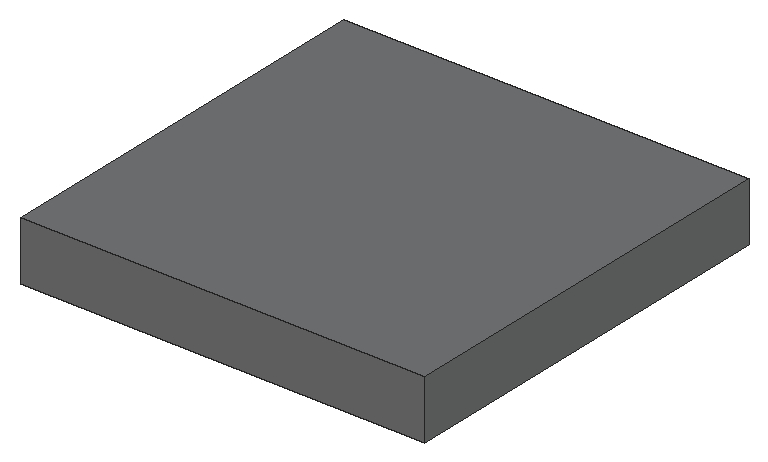
Revit family "Gira_536328", category Electrical Fixtures, host Face, Revit 2017
Family settings
  Host = Face
  Maintain Annotation Orientation = No
  Round Connector Dimension = Use Diameter
  Part Type = Normal
  Cut with Voids When Loaded = No
  Shared = No
  Room Calculation Point = No
Parameters (values of type "S3000 Bedienaufs. Memory System 55 Anthrazit")
  Werkstoffgüte = "sonstige"
  Werkstoff = "sonstige"
  URL = "http://katalog.gira.de/de_DE/datenblatt.html?artikelnr=536328"
  Transparent = "No"
  Region = "DE"
  Oberfläche = "sonstige"
  Name = "S3000 Bedienaufs. Memory System 55 Anthrazit"
  Mit LED-Anzeige = "No"
  Mit Abdeckung = "Yes"
  Manufacturer URL = "https://www.gira.de/"
  Keynote = "Sys55_Abdeckung_Schalten und Tasten"
  HeinzeBIM = "https://bimportal.heinze.de/bim/s3000-bedienaufs-memory-system-55-anthrazit/78b67d4c278c5dda98a506d67127f7466db054c8"
  Halogenfrei = "Yes"
  HAN = "536328"
  Geeignet für Schalteinsatz = "No"
  Geeignet für Jalousieeinsatz = "Yes"
  Geeignet für Dimmeinsatz = "No"
  GTIN = "4010337027386"
  Farbe = "anthrazit"
  Default Elevation = 1219.2 mm
  Data sheet (1) = "https://katalog.gira.de/de_DE/download.html?artikelnr=536328"
  Category = "Bedienelement intelligent"
  Available = "Yes"
  Ausführung der Oberfläche = "nicht zutreffend"
  Anzahl der Tasten = "2 "
  Anzahl der Betätigungspunkte = "4 "
  Anwendung = "Steuern elektrischer Verbraucher"
  Anthrazit [instance] = Anthrazit
Reference planes
  plane 1 "Center (Front/Back)": y = 0
  plane 2: z = 0
  plane 3 "Center (Left/Right)": x = 0
Forms (mm)
  Extrusion 1, solid, material "Anthrazit" <- "Anthrazit", detail levels fine
    sketch origin (0, 0, 0) x (1, 0, 0) y (0, 1, 0)
      loop
        line (-27.5, 27.5) -> (-27.5, -27.5) -> (27.5, -27.5) -> (27.5, 27.5) -> (-27.5, 27.5)
    from 0 to 8
  Extrusion 2, void
    sketch origin (0, 0, 0) x (1, 0, 0) y (0, 1, 0)
      loop
        line (26, 26) -> (-26, 26) -> (-26, -26) -> (26, -26) -> (26, 26)
    from 0 to 6
  Extrusion 3, solid, material "Anthrazit" <- "Anthrazit", detail levels medium
    sketch origin (0, 0, 0) x (1, 0, 0) y (0, 1, 0)
      loop
        line (-27.5, 27.5) -> (-27.5, -27.5) -> (27.5, -27.5) -> (27.5, 27.5) -> (-27.5, 27.5)
    from 0 to 8
  Extrusion 4, solid, material "Anthrazit" <- "Anthrazit", detail levels medium
    sketch origin (0, 0, 0) x (1, 0, 0) y (0, 1, 0)
      loop
        line (11, -17.5) -> (11, 17.5) -> (-11, 17.5) -> (-11, -17.5) -> (11, -17.5)
    from -6 to 6
  Extrusion 5, solid, material "Anthrazit" <- "Anthrazit", detail levels fine
    sketch origin (0, 0, 0) x (1, 0, 0) y (0, 1, 0)
      loop
        line (11, 17.5) -> (-11, 17.5) -> (-11, 16.5) -> (11, 16.5) -> (11, 17.5)
      loop
        line (-11, -16.5) -> (-11, -17.5) -> (11, -17.5) -> (11, -16.5) -> (-11, -16.5)
    from -4 to 6
  Extrusion 6, solid, material "Anthrazit" <- "Anthrazit", detail levels fine
    sketch origin (0, 0, 0) x (1, 0, 0) y (0, 1, 0)
      loop
        arc (5, 9.347) -> (0, 10.6) -> (-5, 9.347) r 10.6
        line (-5, 9.347) -> (-5, -9.347)
        arc (-5, -9.347) -> (0, -10.6) -> (5, -9.347) r 10.6
        line (5, -9.347) -> (5, 9.347)
    from -6 to 6
  Extrusion 7, solid, material "Anthrazit" <- "Anthrazit", detail levels coarse
    sketch origin (0, 0, 0) x (1, 0, 0) y (0, 1, 0)
      loop
        line (-27.5, 27.5) -> (-27.5, -27.5) -> (27.5, -27.5) -> (27.5, 27.5) -> (-27.5, 27.5)
    from -6 to 8
Cuts and joins
  Extrusion 2 cuts Extrusion 1
Dimensions and locks
  aligned and locked: plane 2 to host face
  aligned and locked: level to host face
